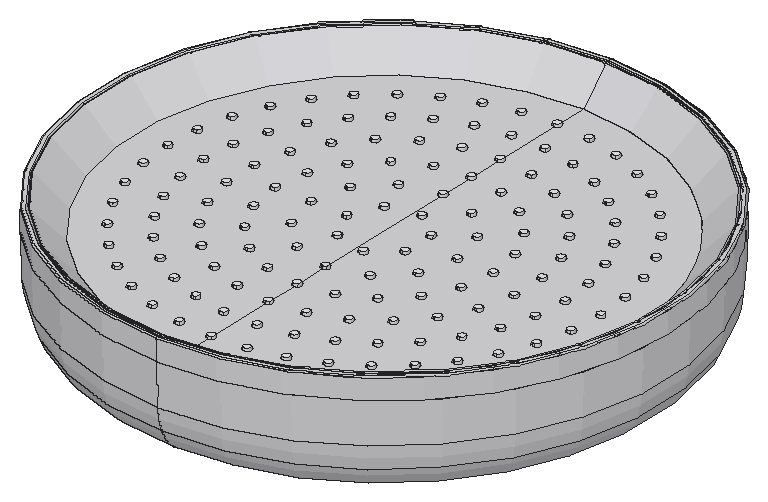
Revit family "Shower-Rainhead-KOHLER-K-26291T_1", category Plumbing Fixtures, host Face, Revit 2017
Family settings
  Host = Face
  Round Connector Dimension = Use Diameter
  Part Type = Normal
  OmniClass Number = 23.31.17.00
  OmniClass Title = Showers
  Cut with Voids When Loaded = No
  Shared = No
  Room Calculation Point = No
Parameters (values of type "2.5 GPM, CP-Polished Chrome")
  Width = 11 119/128"  # constant formula
  WaterSense Certified = 1 = 0  # no
  Waste Water Outlet = "Waste Water Outlet"  # constant formula
  Waste Connection = 1 = 0  # no
  Vent Connection = 1 = 0  # no
  URL = "http://www.kohler.com.cn/"
  Type = 1
  Product Page URL = ""
  Product Name = "Rainhead"  # constant formula
  Product Documentation Link = ""
  Pressure = 0.00 psi
  Model = if(Type = 1, "K-26291T-CP", if(Type = 2, "K-26291T-AF", if(Type = 3, "K-26291T-BL", if(Type = 4, "K-26291T-BN", if(Type = 5, "K-26291T-2MB", if(Type = 6, "K-26291T-RGD", "NA"))))))  # "K-26291T-CP"
  Material = "Brass Construction"  # constant formula
  Master Format 2014 Name = "Residential Showers"  # constant formula
  Master Format 2014 = "22 42 23"  # constant formula
  Manufacturer Address = "Kohler Beijing Office (100016) 36-2-03-B, No. 88, Liuxiang Road, Beijing"  # constant formula
  Manufacturer = "KOHLER Co."  # constant formula
  Length = 11 119/128"  # constant formula
  Hot Water Inlet = "Tempered Water Inlet"  # constant formula
  Height = 3 31/32"  # constant formula
  HW Connection = 1 = 1  # yes
  Flow Rate = 2.5 GPM  # constant formula
  Finish = Kohler-Metal-CP-Polished_Chrome
  Environmental Product Declaration = ""
  Drain Included = 1 = 0  # no
  Description = "1F SMALL ROUND RAINHEAD-2.5GPM"  # constant formula
  Default Elevation = 0"
  Declare Label = ""
  Date Modified = "02/01/2021"  # constant formula
  Date Created = "02/01/2021"  # constant formula
  Copyright = "Copyright KOHLER Co."  # constant formula
  Contact Us = "http://www.kohler.com.cn/contact/contact-us/"
  Cold Water Inlet = "Cold Water Inlet"  # constant formula
  CW Connection = 1 = 0  # no
  Assembly Code = "D2010700"
  ADA Compliant = 1 = 0  # no
Reference planes (in)
  plane 1 "Center (Front/Back)": y = 0
  plane 2: z = 0
  plane 3 "Center (Left/Right)": x = 0
  plane 4: y = 5.965
  plane 5: y = -5.96469
  plane 6: x = -5.965
  plane 7: x = 5.96469
  plane 8: z = 3.96875
  plane 9: z = 1.19
Dimensions and locks (in)
  "Width": plane 4 to plane 5
  "Length": plane 6 to plane 7
  "Height": plane 8 to level
  aligned and locked: plane 2 to host face
  aligned and locked: level to host face
Automatic sketch dimensions
  host sketch curve to host sketch curve = 96"  (x2)
Nested families (in)
  nested 1: "K-26291T" at (0, 0, 0), type "K-26291T"
Connectors (in)
  piping at (0, 0, 0), diameter 0.5, driven by "HW Connection", driven by "Hot Water Inlet", driven by "Flow Rate"
    settings: on nested 1, index 1, connector inside diameter 24", connector length 0", flow factor 0, pipe flow 2.5 GPM, pressure drop 0.00 psi, fitting loss kfactor 0, connector angle 0.00°, fixture units 0, engagement length 0", angle of deflection 0.00°, flow configuration 1, flow direction 1, fitting loss method 0, system type 19, joint type 0, gender type 0, connector reference index -1, connector utility 1, adjustable connector no, is connector primary yes, connector description "Tempered Water Inlet"
Definition of nested family "K-26291T"
  Parameters (values of type "K-26291T")
    Material = none
  Reference planes (in)
    plane 1 "Center (Front/Back)": y = 0
    plane 2: z = 0
    plane 3 "Center (Left/Right)": x = 0
    plane 4: x = 5.965
    plane 5: x = -5.965
    plane 6: z = 3.97
    plane 7: z = 1.19
    plane 8: y = 5.965
    plane 9: y = -5.965
  Forms (in)
    Revolve 1, solid, material <- "Material", detail levels medium+fine
      sketch origin (0, 0, 0) x (0, 1, 0) y (0, 0, 1)
        loop
          line (5.9431, 3.97) -> (5.8678, 3.97)
          arc (5.8678, 3.97) -> (5.85263, 3.96375) -> (5.84626, 3.94862) r 0.02155
          line (5.84626, 3.94862) -> (5.84467, 3.74213)
          arc (5.84467, 3.74213) -> (5.8371, 3.7815) -> (5.83456, 3.82151) r 0.31694
          line (5.83456, 3.82151) -> (5.83456, 3.95421)
          arc (5.83456, 3.95421) -> (5.82592, 3.96709) -> (5.81073, 3.96396) r 0.01391
          line (5.81073, 3.96396) -> (5.21238, 3.35453) -> (0, 3.35453) -> (0, 0) -> (0.47469, 0)
          arc (0.47469, 0) -> (0.48914, 0.00599) -> (0.49513, 0.02045) r 0.02045
          line (0.49513, 0.02045) -> (0.49513, 0.75101)
          arc (0.49513, 0.75101) -> (0.45634, 0.879) -> (0.35301, 0.96391) r 0.23052
          arc (0.35301, 0.96391) -> (0.31081, 1.0177) -> (0.33479, 1.08171) r 0.06978
          arc (0.33479, 1.08171) -> (0.44098, 1.20145) -> (0.50852, 1.34654) r 0.55414
          line (0.50852, 1.34654) -> (1.59013, 1.34654)
          arc (1.59013, 1.34654) -> (3.10602, 1.37419) -> (4.61989, 1.4571) r 41.56538
          arc (4.61989, 1.4571) -> (4.98556, 1.51447) -> (5.33679, 1.63124) r 2.24137
          arc (5.33679, 1.63124) -> (5.64045, 1.84229) -> (5.83558, 2.1564) r 0.91369
          arc (5.83558, 2.1564) -> (5.9051, 2.39883) -> (5.93866, 2.64879) r 1.73194
          arc (5.93866, 2.64879) -> (5.95841, 3.08298) -> (5.965, 3.51757) r 14.34154
          line (5.965, 3.51757) -> (5.965, 3.9481)
          arc (5.965, 3.9481) -> (5.95859, 3.96359) -> (5.9431, 3.97) r 0.0219
        axis (0, 3.97) -> (0, 0)
      angle from 0 to 360
    Extrusion 2, solid, material <- "Material", detail levels medium+fine
      sketch origin (0, 0, 0) x (1, 0, 0) y (0, 1, 0)
        loop
          circle (0, 0) r 0.5
        loop
          line (-0.35408, -0.85482) -> (0.35408, -0.85482) -> (0.85482, -0.35408) -> (0.85482, 0.35408) -> (0.35408, 0.85482) -> (-0.35408, 0.85482) -> (-0.85482, 0.35408) -> (-0.85482, -0.35408) -> (-0.35408, -0.85482)
      from 1.19 to 1.34654
    Sweep 3, solid, material <- "Material", detail levels medium+fine
      path origin (0, 0, 0) x (1, 0, 0) y (0, 1, 0)
        loop
          arc (0.8528, -0.37751) -> (0.8655, -0.3585) -> (0.86996, -0.33608) r 0.05859
          line (0.86996, -0.33608) -> (0.86996, 0.33608)
          arc (0.86996, 0.33608) -> (0.8655, 0.3585) -> (0.8528, 0.37751) r 0.05859
          line (0.8528, 0.37751) -> (0.37779, 0.85252)
          arc (0.37779, 0.85252) -> (0.35847, 0.86543) -> (0.33568, 0.86996) r 0.05955
          line (0.33568, 0.86996) -> (-0.33608, 0.86996)
          arc (-0.33608, 0.86996) -> (-0.3585, 0.8655) -> (-0.37751, 0.8528) r 0.05859
          line (-0.37751, 0.8528) -> (-0.8528, 0.37751)
          arc (-0.8528, 0.37751) -> (-0.8655, 0.3585) -> (-0.86996, 0.33608) r 0.05859
          line (-0.86996, 0.33608) -> (-0.86996, -0.33608)
          arc (-0.86996, -0.33608) -> (-0.8655, -0.3585) -> (-0.8528, -0.37751) r 0.05859
          line (-0.8528, -0.37751) -> (-0.37751, -0.8528)
          arc (-0.37751, -0.8528) -> (-0.3585, -0.8655) -> (-0.33608, -0.86996) r 0.05859
          line (-0.33608, -0.86996) -> (0.33608, -0.86996)
          arc (0.33608, -0.86996) -> (0.3585, -0.8655) -> (0.37751, -0.8528) r 0.05859
          line (0.37751, -0.8528) -> (0.8528, -0.37751)
      profile origin (0.61515, -0.61515, 0) x (0.707107, -0.707107, 0) y (0, 0, 1)
        loop
          line (-0.03076, 1.34654) -> (-0.03076, 1.19) -> (0.00031, 1.19)
          arc (0.00031, 1.19) -> (0.02793, 1.20144) -> (0.03937, 1.22906) r 0.03906
          line (0.03937, 1.22906) -> (0.03937, 1.3076)
          arc (0.03937, 1.3076) -> (0.02797, 1.33513) -> (0.00043, 1.34654) r 0.03894
          line (0.00043, 1.34654) -> (-0.03076, 1.34654)
    Extrusion 4, void
      sketch origin (0, 0, 0) x (1, 0, 0) y (0, 1, 0)
        loop
          circle (-0.49043, -0.61422) r 0.08875
        loop
          circle (-0.786, 0.00048) r 0.08875
        loop
          circle (-0.48969, 0.61481) r 0.08875
        loop
          circle (0.17537, 0.76618) r 0.08875
        loop
          circle (0.70837, 0.3406) r 0.08875
        loop
          circle (0.70795, -0.34146) r 0.08875
        loop
          circle (0.17443, -0.7664) r 0.08875
        loop
          circle (-1.536, 0.00048) r 0.08875
        loop
          circle (0.00048, 1.536) r 0.08875
        loop
          circle (-1.32997, 0.76841) r 0.08875
        loop
          circle (-0.76758, 1.33045) r 0.08875
        loop
          circle (-2.286, 0.00048) r 0.08875
        loop
          circle (-2.17396, 0.70687) r 0.08875
        loop
          circle (-1.84914, 1.34405) r 0.08875
        loop
          circle (-1.34329, 1.84969) r 0.08875
        loop
          circle (-0.70596, 2.17426) r 0.08875
        loop
          circle (0.00046, 2.286) r 0.08875
        loop
          circle (1.536, 0.00048) r 0.08875
        loop
          circle (1.32997, 0.76841) r 0.08875
        loop
          circle (0.76758, 1.33045) r 0.08875
        loop
          circle (2.286, 0.00048) r 0.08875
        loop
          circle (2.17396, 0.70687) r 0.08875
        loop
          circle (1.84914, 1.34405) r 0.08875
        loop
          circle (1.34329, 1.84969) r 0.08875
        loop
          circle (0.70596, 2.17426) r 0.08875
        loop
          circle (0.00048, -1.536) r 0.08875
        loop
          circle (-1.32997, -0.76841) r 0.08875
        loop
          circle (-0.76758, -1.33045) r 0.08875
        loop
          circle (-2.17396, -0.70687) r 0.08875
        loop
          circle (-1.84914, -1.34405) r 0.08875
        loop
          circle (-1.34329, -1.84969) r 0.08875
        loop
          circle (-0.70596, -2.17426) r 0.08875
        loop
          circle (0.00046, -2.286) r 0.08875
        loop
          circle (1.32997, -0.76841) r 0.08875
        loop
          circle (0.76758, -1.33045) r 0.08875
        loop
          circle (2.17396, -0.70687) r 0.08875
        loop
          circle (1.84914, -1.34405) r 0.08875
        loop
          circle (1.34329, -1.84969) r 0.08875
        loop
          circle (0.70596, -2.17426) r 0.08875
        loop
          circle (0.00044, 3.036) r 0.08875
        loop
          circle (-0.72613, 2.94788) r 0.08875
        loop
          circle (-1.41051, 2.68844) r 0.08875
        loop
          circle (-2.01258, 2.27306) r 0.08875
        loop
          circle (-2.49808, 1.72537) r 0.08875
        loop
          circle (-2.83824, 1.07781) r 0.08875
        loop
          circle (-3.0137, 0.36726) r 0.08875
        loop
          circle (-0.72613, -2.94788) r 0.08875
        loop
          circle (-1.41051, -2.68844) r 0.08875
        loop
          circle (-2.01258, -2.27306) r 0.08875
        loop
          circle (-2.49808, -1.72537) r 0.08875
        loop
          circle (-2.83824, -1.07781) r 0.08875
        loop
          circle (-3.0137, -0.36726) r 0.08875
        loop
          circle (0.00044, -3.036) r 0.08875
        loop
          circle (0.72613, 2.94788) r 0.08875
        loop
          circle (1.41051, 2.68844) r 0.08875
        loop
          circle (2.01258, 2.27306) r 0.08875
        loop
          circle (2.49808, 1.72537) r 0.08875
        loop
          circle (2.83824, 1.07781) r 0.08875
        loop
          circle (3.0137, 0.36726) r 0.08875
        loop
          circle (0.72613, -2.94788) r 0.08875
        loop
          circle (1.41051, -2.68844) r 0.08875
        loop
          circle (2.01258, -2.27306) r 0.08875
        loop
          circle (2.49808, -1.72537) r 0.08875
        loop
          circle (2.83824, -1.07781) r 0.08875
        loop
          circle (3.0137, -0.36726) r 0.08875
        loop
          circle (-3.786, 0.00048) r 0.08875
        loop
          circle (-4.536, 0.00048) r 0.08875
        loop
          circle (-3.72144, 0.69615) r 0.08875
        loop
          circle (-3.53016, 1.36811) r 0.08875
        loop
          circle (-3.21867, 1.99348) r 0.08875
        loop
          circle (-2.79724, 2.55132) r 0.08875
        loop
          circle (-2.28081, 3.02187) r 0.08875
        loop
          circle (-1.68671, 3.38951) r 0.08875
        loop
          circle (-1.03517, 3.64173) r 0.08875
        loop
          circle (-0.34838, 3.76993) r 0.08875
        loop
          circle (-3.72144, -0.69615) r 0.08875
        loop
          circle (-3.53016, -1.36811) r 0.08875
        loop
          circle (-3.21867, -1.99348) r 0.08875
        loop
          circle (-2.79724, -2.55132) r 0.08875
        loop
          circle (-2.28081, -3.02187) r 0.08875
        loop
          circle (-1.68671, -3.38951) r 0.08875
        loop
          circle (-1.03517, -3.64173) r 0.08875
        loop
          circle (-0.34838, -3.76993) r 0.08875
        loop
          circle (3.786, 0.00048) r 0.08875
        loop
          circle (3.72144, 0.69615) r 0.08875
        loop
          circle (3.53016, 1.36811) r 0.08875
        loop
          circle (3.21867, 1.99348) r 0.08875
        loop
          circle (2.79724, 2.55132) r 0.08875
        loop
          circle (2.28081, 3.02187) r 0.08875
        loop
          circle (1.68671, 3.38951) r 0.08875
        loop
          circle (1.03517, 3.64173) r 0.08875
        loop
          circle (0.34838, 3.76993) r 0.08875
        loop
          circle (3.72144, -0.69615) r 0.08875
        loop
          circle (3.53016, -1.36811) r 0.08875
        loop
          circle (3.21867, -1.99348) r 0.08875
        loop
          circle (2.79724, -2.55132) r 0.08875
        loop
          circle (2.28081, -3.02187) r 0.08875
        loop
          circle (1.68671, -3.38951) r 0.08875
        loop
          circle (1.03517, -3.64173) r 0.08875
        loop
          circle (0.34838, -3.76993) r 0.08875
        loop
          circle (-4.48008, 0.71006) r 0.08875
        loop
          circle (-4.31384, 1.40215) r 0.08875
        loop
          circle (-4.04138, 2.05973) r 0.08875
        loop
          circle (-3.66942, 2.66658) r 0.08875
        loop
          circle (-3.2071, 3.20777) r 0.08875
        loop
          circle (-2.6658, 3.66998) r 0.08875
        loop
          circle (-2.05887, 4.04182) r 0.08875
        loop
          circle (-1.40124, 4.31414) r 0.08875
        loop
          circle (-0.70911, 4.48022) r 0.08875
        loop
          circle (0.00048, 4.536) r 0.08875
        loop
          circle (4.536, 0.00048) r 0.08875
        loop
          circle (4.48008, 0.71006) r 0.08875
        loop
          circle (4.31384, 1.40215) r 0.08875
        loop
          circle (4.04138, 2.05973) r 0.08875
        loop
          circle (3.66942, 2.66658) r 0.08875
        loop
          circle (3.2071, 3.20777) r 0.08875
        loop
          circle (2.6658, 3.66998) r 0.08875
        loop
          circle (2.05887, 4.04182) r 0.08875
        loop
          circle (1.40124, 4.31414) r 0.08875
        loop
          circle (0.70911, 4.48022) r 0.08875
        loop
          circle (-4.48008, -0.71006) r 0.08875
        loop
          circle (-4.31384, -1.40215) r 0.08875
        loop
          circle (-4.04138, -2.05973) r 0.08875
        loop
          circle (-3.66942, -2.66658) r 0.08875
        loop
          circle (-3.2071, -3.20777) r 0.08875
        loop
          circle (-2.6658, -3.66998) r 0.08875
        loop
          circle (-2.05887, -4.04182) r 0.08875
        loop
          circle (-1.40124, -4.31414) r 0.08875
        loop
          circle (-0.70911, -4.48022) r 0.08875
        loop
          circle (0.00048, -4.536) r 0.08875
        loop
          circle (4.48008, -0.71006) r 0.08875
        loop
          circle (4.31384, -1.40215) r 0.08875
        loop
          circle (4.04138, -2.05973) r 0.08875
        loop
          circle (3.66942, -2.66658) r 0.08875
        loop
          circle (3.2071, -3.20777) r 0.08875
        loop
          circle (2.6658, -3.66998) r 0.08875
        loop
          circle (2.05887, -4.04182) r 0.08875
        loop
          circle (1.40124, -4.31414) r 0.08875
        loop
          circle (0.70911, -4.48022) r 0.08875
      from 3.13976 to 3.5
    Extrusion 5, void
      sketch origin (0, 0, 0) x (1, 0, 0) y (0, 0, 1)
        loop
          line (-0.45475, 0.18235) -> (-0.45475, 0.92904) -> (-0.52139, 0.92904) -> (-0.52139, 0.09882) -> (-0.4667, 0.1535)
          arc (-0.4667, 0.1535) -> (-0.45786, 0.16674) -> (-0.45475, 0.18235) r 0.0408
        loop
          arc (0.45475, 0.18235) -> (0.45786, 0.16674) -> (0.4667, 0.1535) r 0.0408
          line (0.4667, 0.1535) -> (0.52139, 0.09882) -> (0.52139, 0.92904) -> (0.45475, 0.92904) -> (0.45475, 0.18235)
      from -1 to 1
    Revolve 6, solid, material <- "Material", detail levels coarse
      sketch origin (0, 0, 0) x (0, 1, 0) y (0, 0, 1)
        loop
          line (0, 3.35453) -> (0, 0) -> (0.49513, 0) -> (0.49513, 1.19) -> (0.90933, 1.19) -> (0.90933, 1.34654) -> (5.19293, 1.34654) -> (5.965, 2.11861) -> (5.965, 3.97) -> (5.81666, 3.97) -> (5.21238, 3.35453) -> (0, 3.35453)
        axis (0, 3.97) -> (0, 0)
      angle from 0 to 360
    Extrusion 7, solid, detail levels medium+fine
      sketch origin (0, 0, 0) x (1, 0, 0) y (0, 1, 0)
        loop
          circle (-0.49043, -0.61422) r 0.07313
        loop
          circle (-0.786, 0.00048) r 0.07313
        loop
          circle (-0.48969, 0.61481) r 0.07313
        loop
          circle (0.17537, 0.76618) r 0.07313
        loop
          circle (0.70837, 0.3406) r 0.07313
        loop
          circle (0.70795, -0.34146) r 0.07313
        loop
          circle (0.17443, -0.7664) r 0.07313
        loop
          circle (-1.536, 0.00048) r 0.07313
        loop
          circle (0.00048, 1.536) r 0.07313
        loop
          circle (-1.32997, 0.76841) r 0.07313
        loop
          circle (-0.76758, 1.33045) r 0.07313
        loop
          circle (-2.286, 0.00048) r 0.07313
        loop
          circle (-2.17396, 0.70687) r 0.07313
        loop
          circle (-1.84914, 1.34405) r 0.07313
        loop
          circle (-1.34329, 1.84969) r 0.07313
        loop
          circle (-0.70596, 2.17426) r 0.07313
        loop
          circle (0.00046, 2.286) r 0.07313
        loop
          circle (0.00048, -1.536) r 0.07313
        loop
          circle (-1.32997, -0.76841) r 0.07313
        loop
          circle (-0.76758, -1.33045) r 0.07313
        loop
          circle (-2.17396, -0.70687) r 0.07313
        loop
          circle (-1.84914, -1.34405) r 0.07313
        loop
          circle (-1.34329, -1.84969) r 0.07313
        loop
          circle (-0.70596, -2.17426) r 0.07313
        loop
          circle (0.00046, -2.286) r 0.07313
        loop
          circle (0.00044, 3.036) r 0.07313
        loop
          circle (-0.72613, 2.94788) r 0.07313
        loop
          circle (-1.41051, 2.68844) r 0.07313
        loop
          circle (-2.01258, 2.27306) r 0.07313
        loop
          circle (-2.49808, 1.72537) r 0.07313
        loop
          circle (-2.83824, 1.07781) r 0.07313
        loop
          circle (-3.0137, 0.36726) r 0.07313
        loop
          circle (-0.72613, -2.94788) r 0.07313
        loop
          circle (-1.41051, -2.68844) r 0.07313
        loop
          circle (-2.01258, -2.27306) r 0.07313
        loop
          circle (-2.49808, -1.72537) r 0.07313
        loop
          circle (-2.83824, -1.07781) r 0.07313
        loop
          circle (-3.0137, -0.36726) r 0.07313
        loop
          circle (0.00044, -3.036) r 0.07313
        loop
          circle (-3.786, 0.00048) r 0.07313
        loop
          circle (-4.536, 0.00048) r 0.07313
        loop
          circle (-3.72144, 0.69615) r 0.07313
        loop
          circle (-3.53016, 1.36811) r 0.07313
        loop
          circle (-3.21867, 1.99348) r 0.07313
        loop
          circle (-2.79724, 2.55132) r 0.07313
        loop
          circle (-2.28081, 3.02187) r 0.07313
        loop
          circle (-1.68671, 3.38951) r 0.07313
        loop
          circle (-1.03517, 3.64173) r 0.07313
        loop
          circle (-0.34838, 3.76993) r 0.07313
        loop
          circle (-3.72144, -0.69615) r 0.07313
        loop
          circle (-3.53016, -1.36811) r 0.07313
        loop
          circle (-3.21867, -1.99348) r 0.07313
        loop
          circle (-2.79724, -2.55132) r 0.07313
        loop
          circle (-2.28081, -3.02187) r 0.07313
        loop
          circle (-1.68671, -3.38951) r 0.07313
        loop
          circle (-1.03517, -3.64173) r 0.07313
        loop
          circle (-0.34838, -3.76993) r 0.07313
        loop
          circle (-4.48008, 0.71006) r 0.07313
        loop
          circle (-4.31384, 1.40215) r 0.07313
        loop
          circle (-4.04138, 2.05973) r 0.07313
        loop
          circle (-3.66942, 2.66658) r 0.07313
        loop
          circle (-3.2071, 3.20777) r 0.07313
        loop
          circle (-2.6658, 3.66998) r 0.07313
        loop
          circle (-2.05887, 4.04182) r 0.07313
        loop
          circle (-1.40124, 4.31414) r 0.07313
        loop
          circle (-0.70911, 4.48022) r 0.07313
        loop
          circle (0.00048, 4.536) r 0.07313
        loop
          circle (-4.48008, -0.71006) r 0.07313
        loop
          circle (-4.31384, -1.40215) r 0.07313
        loop
          circle (-4.04138, -2.05973) r 0.07313
        loop
          circle (-3.66942, -2.66658) r 0.07313
        loop
          circle (-3.2071, -3.20777) r 0.07313
        loop
          circle (-2.6658, -3.66998) r 0.07313
        loop
          circle (-2.05887, -4.04182) r 0.07313
        loop
          circle (-1.40124, -4.31414) r 0.07313
        loop
          circle (-0.70911, -4.48022) r 0.07313
        loop
          circle (0.00048, -4.536) r 0.07313
        loop
          circle (1.536, 0.00048) r 0.07313
        loop
          circle (1.32997, 0.76841) r 0.07313
        loop
          circle (0.76758, 1.33045) r 0.07313
        loop
          circle (2.286, 0.00048) r 0.07313
        loop
          circle (2.17396, 0.70687) r 0.07313
        loop
          circle (1.84914, 1.34405) r 0.07313
        loop
          circle (1.34329, 1.84969) r 0.07313
        loop
          circle (0.70596, 2.17426) r 0.07313
        loop
          circle (1.32997, -0.76841) r 0.07313
        loop
          circle (0.76758, -1.33045) r 0.07313
        loop
          circle (2.17396, -0.70687) r 0.07313
        loop
          circle (1.84914, -1.34405) r 0.07313
        loop
          circle (1.34329, -1.84969) r 0.07313
        loop
          circle (0.70596, -2.17426) r 0.07313
        loop
          circle (0.72613, 2.94788) r 0.07313
        loop
          circle (1.41051, 2.68844) r 0.07313
        loop
          circle (2.01258, 2.27306) r 0.07313
        loop
          circle (2.49808, 1.72537) r 0.07313
        loop
          circle (2.83824, 1.07781) r 0.07313
        loop
          circle (3.0137, 0.36726) r 0.07313
        loop
          circle (0.72613, -2.94788) r 0.07313
        loop
          circle (1.41051, -2.68844) r 0.07313
        loop
          circle (2.01258, -2.27306) r 0.07313
        loop
          circle (2.49808, -1.72537) r 0.07313
        loop
          circle (2.83824, -1.07781) r 0.07313
        loop
          circle (3.0137, -0.36726) r 0.07313
        loop
          circle (3.786, 0.00048) r 0.07313
        loop
          circle (4.536, 0.00048) r 0.07313
        loop
          circle (3.72144, 0.69615) r 0.07313
        loop
          circle (3.53016, 1.36811) r 0.07313
        loop
          circle (3.21867, 1.99348) r 0.07313
        loop
          circle (2.79724, 2.55132) r 0.07313
        loop
          circle (2.28081, 3.02187) r 0.07313
        loop
          circle (1.68671, 3.38951) r 0.07313
        loop
          circle (1.03517, 3.64173) r 0.07313
        loop
          circle (0.34838, 3.76993) r 0.07313
        loop
          circle (3.72144, -0.69615) r 0.07313
        loop
          circle (3.53016, -1.36811) r 0.07313
        loop
          circle (3.21867, -1.99348) r 0.07313
        loop
          circle (2.79724, -2.55132) r 0.07313
        loop
          circle (2.28081, -3.02187) r 0.07313
        loop
          circle (1.68671, -3.38951) r 0.07313
        loop
          circle (1.03517, -3.64173) r 0.07313
        loop
          circle (0.34838, -3.76993) r 0.07313
        loop
          circle (4.48008, 0.71006) r 0.07313
        loop
          circle (4.31384, 1.40215) r 0.07313
        loop
          circle (4.04138, 2.05973) r 0.07313
        loop
          circle (3.66942, 2.66658) r 0.07313
        loop
          circle (3.2071, 3.20777) r 0.07313
        loop
          circle (2.6658, 3.66998) r 0.07313
        loop
          circle (2.05887, 4.04182) r 0.07313
        loop
          circle (1.40124, 4.31414) r 0.07313
        loop
          circle (0.70911, 4.48022) r 0.07313
        loop
          circle (4.48008, -0.71006) r 0.07313
        loop
          circle (4.31384, -1.40215) r 0.07313
        loop
          circle (4.04138, -2.05973) r 0.07313
        loop
          circle (3.66942, -2.66658) r 0.07313
        loop
          circle (3.2071, -3.20777) r 0.07313
        loop
          circle (2.6658, -3.66998) r 0.07313
        loop
          circle (2.05887, -4.04182) r 0.07313
        loop
          circle (1.40124, -4.31414) r 0.07313
        loop
          circle (0.70911, -4.48022) r 0.07313
      from 3.14063 to 3.39844
  Cuts and joins
    Extrusion 4, Extrusion 5 cuts Revolve 1
    joined: Extrusion 2, Sweep 3
  Lines and regions (in)
    Masking region 1
      outline origin (0, 0, 0) x (0, 1, 0) y (0, 0, 1)
        loop
          line (5.9431, 3.97) -> (-5.9431, 3.97)
          arc (-5.9431, 3.97) -> (-5.95859, 3.96359) -> (-5.965, 3.9481) r 0.0219
          line (-5.965, 3.9481) -> (-5.965, 3.51757)
          arc (-5.965, 3.51757) -> (-5.95841, 3.08298) -> (-5.93866, 2.64879) r 14.34154
          arc (-5.93866, 2.64879) -> (-5.9051, 2.39883) -> (-5.83558, 2.1564) r 1.73194
          arc (-5.83558, 2.1564) -> (-5.64045, 1.84229) -> (-5.33679, 1.63124) r 0.91369
          arc (-5.33679, 1.63124) -> (-4.98556, 1.51447) -> (-4.61989, 1.4571) r 2.24137
          arc (-4.61989, 1.4571) -> (-3.10602, 1.37419) -> (-1.59013, 1.34654) r 41.56538
          line (-1.59013, 1.34654) -> (-0.86977, 1.34654)
          arc (-0.86977, 1.34654) -> (-0.89774, 1.33495) -> (-0.90933, 1.30697) r 0.03956
          line (-0.90933, 1.30697) -> (-0.90933, 1.22728)
          arc (-0.90933, 1.22728) -> (-0.89841, 1.20092) -> (-0.87205, 1.19) r 0.03728
          line (-0.87205, 1.19) -> (-0.43326, 1.19)
          arc (-0.43326, 1.19) -> (-0.38762, 1.13259) -> (-0.33479, 1.08171) r 0.55414
          arc (-0.33479, 1.08171) -> (-0.31081, 1.0177) -> (-0.35301, 0.96391) r 0.06978
          arc (-0.35301, 0.96391) -> (-0.45634, 0.879) -> (-0.49513, 0.75101) r 0.23052
          line (-0.49513, 0.75101) -> (-0.49513, 0.02045)
          arc (-0.49513, 0.02045) -> (-0.48914, 0.00599) -> (-0.47469, 0) r 0.02045
          line (-0.47469, 0) -> (0.47469, 0)
          arc (0.47469, 0) -> (0.48914, 0.00599) -> (0.49513, 0.02045) r 0.02045
          line (0.49513, 0.02045) -> (0.49513, 0.75101)
          arc (0.49513, 0.75101) -> (0.45634, 0.879) -> (0.35301, 0.96391) r 0.23052
          arc (0.35301, 0.96391) -> (0.31081, 1.0177) -> (0.33479, 1.08171) r 0.06978
          arc (0.33479, 1.08171) -> (0.38762, 1.13259) -> (0.43326, 1.19) r 0.55414
          line (0.43326, 1.19) -> (0.87205, 1.19)
          arc (0.87205, 1.19) -> (0.89841, 1.20092) -> (0.90933, 1.22728) r 0.03728
          line (0.90933, 1.22728) -> (0.90933, 1.30697)
          arc (0.90933, 1.30697) -> (0.89774, 1.33495) -> (0.86977, 1.34654) r 0.03956
          line (0.86977, 1.34654) -> (1.59013, 1.34654)
          arc (1.59013, 1.34654) -> (3.10602, 1.37419) -> (4.61989, 1.4571) r 41.56538
          arc (4.61989, 1.4571) -> (4.98556, 1.51447) -> (5.33679, 1.63124) r 2.24137
          arc (5.33679, 1.63124) -> (5.64045, 1.84229) -> (5.83558, 2.1564) r 0.91369
          arc (5.83558, 2.1564) -> (5.9051, 2.39883) -> (5.93866, 2.64879) r 1.73194
          arc (5.93866, 2.64879) -> (5.95841, 3.08298) -> (5.965, 3.51757) r 14.34154
          line (5.965, 3.51757) -> (5.965, 3.9481)
          arc (5.965, 3.9481) -> (5.95859, 3.96359) -> (5.9431, 3.97) r 0.0219
    Masking region 2
      outline origin (0, 0, 0) x (1, 0, 0) y (0, 0, 1)
        loop
          arc (-5.9431, 3.97) -> (-5.95859, 3.96359) -> (-5.965, 3.9481) r 0.0219
          line (-5.965, 3.9481) -> (-5.965, 3.51757)
          arc (-5.965, 3.51757) -> (-5.95841, 3.08298) -> (-5.93866, 2.64879) r 14.34154
          arc (-5.93866, 2.64879) -> (-5.9051, 2.39883) -> (-5.83558, 2.1564) r 1.73194
          arc (-5.83558, 2.1564) -> (-5.64045, 1.84229) -> (-5.33679, 1.63124) r 0.91369
          arc (-5.33679, 1.63124) -> (-4.98556, 1.51447) -> (-4.61989, 1.4571) r 2.24137
          arc (-4.61989, 1.4571) -> (-3.10602, 1.37419) -> (-1.59013, 1.34654) r 41.56538
          line (-1.59013, 1.34654) -> (-0.86977, 1.34654)
          arc (-0.86977, 1.34654) -> (-0.89774, 1.33495) -> (-0.90933, 1.30697) r 0.03956
          line (-0.90933, 1.30697) -> (-0.90933, 1.22728)
          arc (-0.90933, 1.22728) -> (-0.89841, 1.20092) -> (-0.87205, 1.19) r 0.03728
          line (-0.87205, 1.19) -> (-0.43326, 1.19)
          arc (-0.43326, 1.19) -> (-0.38762, 1.13259) -> (-0.33479, 1.08171) r 0.55414
          arc (-0.33479, 1.08171) -> (-0.31081, 1.0177) -> (-0.35301, 0.96391) r 0.06978
          arc (-0.35301, 0.96391) -> (-0.40987, 0.93001) -> (-0.45475, 0.88135) r 0.23052
          line (-0.45475, 0.88135) -> (-0.45475, 0.18235)
          arc (-0.45475, 0.18235) -> (-0.45786, 0.16674) -> (-0.4667, 0.1535) r 0.0408
          line (-0.4667, 0.1535) -> (-0.49513, 0.12507) -> (-0.49513, 0.02045)
          arc (-0.49513, 0.02045) -> (-0.48914, 0.00599) -> (-0.47469, 0) r 0.02045
          line (-0.47469, 0) -> (0.47469, 0)
          arc (0.47469, 0) -> (0.48914, 0.00599) -> (0.49513, 0.02045) r 0.02045
          line (0.49513, 0.02045) -> (0.49513, 0.12507) -> (0.4667, 0.1535)
          arc (0.4667, 0.1535) -> (0.45786, 0.16674) -> (0.45475, 0.18235) r 0.0408
          line (0.45475, 0.18235) -> (0.45475, 0.88135)
          arc (0.45475, 0.88135) -> (0.40987, 0.93001) -> (0.35301, 0.96391) r 0.23052
          arc (0.35301, 0.96391) -> (0.31081, 1.0177) -> (0.33479, 1.08171) r 0.06978
          arc (0.33479, 1.08171) -> (0.38762, 1.13259) -> (0.43326, 1.19) r 0.55414
          line (0.43326, 1.19) -> (0.87205, 1.19)
          arc (0.87205, 1.19) -> (0.89841, 1.20092) -> (0.90933, 1.22728) r 0.03728
          line (0.90933, 1.22728) -> (0.90933, 1.30697)
          arc (0.90933, 1.30697) -> (0.89774, 1.33495) -> (0.86977, 1.34654) r 0.03956
          line (0.86977, 1.34654) -> (1.59013, 1.34654)
          arc (1.59013, 1.34654) -> (3.10602, 1.37419) -> (4.61989, 1.4571) r 41.56538
          arc (4.61989, 1.4571) -> (4.98556, 1.51447) -> (5.33679, 1.63124) r 2.24137
          arc (5.33679, 1.63124) -> (5.64045, 1.84229) -> (5.83558, 2.1564) r 0.91369
          arc (5.83558, 2.1564) -> (5.9051, 2.39883) -> (5.93866, 2.64879) r 1.73194
          arc (5.93866, 2.64879) -> (5.95841, 3.08298) -> (5.965, 3.51757) r 14.34154
          line (5.965, 3.51757) -> (5.965, 3.9481)
          arc (5.965, 3.9481) -> (5.95859, 3.96359) -> (5.9431, 3.97) r 0.0219
          line (5.9431, 3.97) -> (-5.9431, 3.97)
    Masking region 3
      outline origin (0, 0, 0) x (1, 0, 0) y (0, 1, 0)
        loop
          circle (0, 0) r 5.965
    symbolic lines, detail levels medium+fine
      curve 1: line (-0.86977, 0, 1.34654) -> (0.86977, 0, 1.34654)
      curve 2: line (-0.43326, 0, 1.19) -> (0.43326, 0, 1.19)
      curve 3: line (-0.49513, 0, 0.02045) -> (0.49513, 0, 0.02045)
      curve 4: line (-0.45475, 0, 0.75101) -> (0.45475, 0, 0.75101)
      curve 5: line (0.35413, 0, 0.96346) -> (-0.35413, 0, 0.96346)
      curve 6: line (0.33546, 0, 1.08228) -> (-0.33546, 0, 1.08228)
      curve 7: line (-0.8805, 0, 1.22843) -> (-0.8805, 0, 1.30717)
      curve 8: line (-0.40548, 0, 1.22843) -> (-0.40548, 0, 1.30717)
      curve 9: line (-0.33589, 0, 1.34654) -> (-0.33589, 0, 1.19)
      curve 10: arc (-0.8805, 0, 1.30717) -> (-0.87952, 0, 1.31769) -> (-0.87661, 0, 1.32786) r 0.05701
      curve 11: arc (-0.87661, 0, 1.32786) -> (-0.86721, 0, 1.34049) -> (-0.85266, 0, 1.34654) r 0.02968
      curve 12: arc (-0.8805, 0, 1.22843) -> (-0.87952, 0, 1.2179) -> (-0.87661, 0, 1.20773) r 0.05701
      curve 13: arc (-0.87661, 0, 1.20773) -> (-0.86899, 0, 1.1966) -> (-0.85723, 0, 1.19) r 0.02968
      curve 14: arc (-0.40548, 0, 1.30717) -> (-0.4045, 0, 1.31769) -> (-0.4016, 0, 1.32786) r 0.05701
      curve 15: arc (-0.4016, 0, 1.32786) -> (-0.39219, 0, 1.34049) -> (-0.37765, 0, 1.34654) r 0.02968
      curve 16: arc (-0.40548, 0, 1.22843) -> (-0.4045, 0, 1.2179) -> (-0.4016, 0, 1.20773) r 0.05701
      curve 17: arc (-0.4016, 0, 1.20773) -> (-0.39397, 0, 1.1966) -> (-0.38222, 0, 1.19) r 0.02968
      curve 18: line (0.8805, 0, 1.22709) -> (0.8805, 0, 1.30717)
      curve 19: line (0.40548, 0, 1.22843) -> (0.40548, 0, 1.30717)
      curve 20: line (0.33589, 0, 1.34654) -> (0.33589, 0, 1.19)
      curve 21: arc (0.87661, 0, 1.32786) -> (0.86721, 0, 1.34049) -> (0.85266, 0, 1.34654) r 0.02968
      curve 22: arc (0.4016, 0, 1.32786) -> (0.39219, 0, 1.34049) -> (0.37765, 0, 1.34654) r 0.02968
      curve 23: arc (0.4016, 0, 1.20773) -> (0.39397, 0, 1.1966) -> (0.38222, 0, 1.19) r 0.02968
      curve 24: arc (0.40548, 0, 1.30717) -> (0.4045, 0, 1.31769) -> (0.4016, 0, 1.32786) r 0.05701
      curve 25: arc (0.4016, 0, 1.20773) -> (0.4045, 0, 1.2179) -> (0.40548, 0, 1.22843) r 0.05701
      curve 26: arc (0.8805, 0, 1.30717) -> (0.87952, 0, 1.31769) -> (0.87661, 0, 1.32786) r 0.05701
      curve 27: arc (0.87661, 0, 1.2064) -> (0.87039, 0, 1.19664) -> (0.8609, 0, 1.19) r 0.02968
      curve 28: arc (0.8805, 0, 1.22709) -> (0.87952, 0, 1.21656) -> (0.87661, 0, 1.2064) r 0.05701
      curve 29: line (-0.90933, 0, 1.30697) -> (0.90933, 0, 1.30697)
      curve 30: line (-0.90933, 0, 1.22728) -> (0.90933, 0, 1.22728)
      curve 31: line (0, 0.86977, 1.34654) -> (0, -0.86977, 1.34654)
      curve 32: line (0, -0.90933, 1.30697) -> (0, 0.90933, 1.30697)
      curve 33: line (0, 0.90933, 1.22728) -> (0, -0.90933, 1.22728)
      curve 34: line (0, 0.43326, 1.19) -> (0, -0.43326, 1.19)
      curve 35: line (0, 0.35301, 0.96391) -> (0, -0.35301, 0.96391)
      curve 36: line (0, 0.49513, 0.75101) -> (0, 0.19585, 0.75101)
      curve 37: line (0, 0.49513, 0.02045) -> (0, -0.49513, 0.02045)
      curve 38: line (0, 0.8805, 1.22843) -> (0, 0.8805, 1.30717)
      curve 39: line (0, 0.40548, 1.22843) -> (0, 0.40548, 1.30717)
      curve 40: line (0, 0.33589, 1.19) -> (0, 0.33589, 1.34654)
      curve 41: arc (0, 0.8805, 1.30717) -> (0, 0.8787, 1.32099) -> (0, 0.87341, 1.3339) r 0.05392
      curve 42: arc (0, 0.87341, 1.3339) -> (0, 0.86501, 1.34269) -> (0, 0.85348, 1.34654) r 0.02521
      curve 43: arc (0, 0.87557, 1.2067) -> (0, 0.87925, 1.21728) -> (0, 0.8805, 1.22843) r 0.05029
      curve 44: arc (0, 0.86053, 1.19) -> (0, 0.86925, 1.19726) -> (0, 0.87557, 1.2067) r 0.03978
      curve 45: arc (0, 0.40548, 1.30717) -> (0, 0.40394, 1.3199) -> (0, 0.39938, 1.33189) r 0.05317
      curve 46: arc (0, 0.39938, 1.33189) -> (0, 0.39036, 1.34196) -> (0, 0.37765, 1.34654) r 0.02762
      curve 47: arc (0, 0.39977, 1.20441) -> (0, 0.40404, 1.21608) -> (0, 0.40548, 1.22843) r 0.0533
      curve 48: arc (0, 0.38398, 1.19) -> (0, 0.3932, 1.19575) -> (0, 0.39977, 1.20441) r 0.03005
      curve 49: line (0, -0.33589, 1.19) -> (0, -0.33589, 1.34654)
      curve 50: line (0, -0.40548, 1.22843) -> (0, -0.40548, 1.30717)
      curve 51: line (0, -0.8805, 1.22843) -> (0, -0.8805, 1.30717)
      curve 52: arc (0, -0.40548, 1.30717) -> (0, -0.40379, 1.32059) -> (0, -0.39881, 1.33318) r 0.05404
      curve 53: arc (0, -0.39881, 1.33318) -> (0, -0.3903, 1.34239) -> (0, -0.37847, 1.34654) r 0.02598
      curve 54: arc (0, -0.39848, 1.20306) -> (0, -0.4037, 1.21527) -> (0, -0.40548, 1.22843) r 0.04945
      curve 55: arc (0, -0.38197, 1.19) -> (0, -0.39143, 1.19501) -> (0, -0.39848, 1.20306) r 0.02964
      curve 56: arc (0, -0.8805, 1.30717) -> (0, -0.87904, 1.31976) -> (0, -0.87472, 1.33168) r 0.05483
      curve 57: arc (0, -0.87472, 1.33168) -> (0, -0.86564, 1.34201) -> (0, -0.85266, 1.34654) r 0.02702
      curve 58: arc (0, -0.87421, 1.20402) -> (0, -0.8789, 1.21582) -> (0, -0.8805, 1.22843) r 0.05045
      curve 59: arc (0, -0.85926, 1.19) -> (0, -0.86784, 1.19583) -> (0, -0.87421, 1.20402) r 0.03332
      curve 60: line (0, 0.19585, 0.18177) -> (0, 0.19585, 0.75101)
      curve 61: line (0, -0.19585, 0.75101) -> (0, -0.19585, 0.1818)
      curve 62: spline (0, 0.16686, 0.15407) -> (0, 0.17022, 0.15487) -> (0, 0.1735, 0.156) -> (0, 0.17665, 0.15745) -> (0, 0.17966, 0.15919) -> (0, 0.18251, 0.16123) -> (0, 0.18515, 0.16353) -> (0, 0.18758, 0.16608) -> (0, 0.18978, 0.16886) -> (0, 0.19172, 0.17185) -> (0, 0.19338, 0.17501) -> (0, 0.19477, 0.17833) -> (0, 0.19585, 0.18177)
      curve 63: spline (0, -0.16688, 0.15407) -> (0, -0.14073, 0.14536) -> (0, -0.11369, 0.13816) -> (0, -0.08591, 0.1325) -> (0, -0.05758, 0.12844) -> (0, -0.02889, 0.12599) -> (0, -0.00001, 0.12517) -> (0, 0.02887, 0.12599) -> (0, 0.05756, 0.12844) -> (0, 0.08589, 0.1325) -> (0, 0.11367, 0.13815) -> (0, 0.14071, 0.14536) -> (0, 0.16686, 0.15407)
      curve 64: spline (0, -0.19585, 0.1818) -> (0, -0.19473, 0.17835) -> (0, -0.19332, 0.17503) -> (0, -0.19163, 0.17186) -> (0, -0.18968, 0.16887) -> (0, -0.18747, 0.16609) -> (0, -0.18504, 0.16354) -> (0, -0.1824, 0.16123) -> (0, -0.17957, 0.1592) -> (0, -0.17657, 0.15745) -> (0, -0.17344, 0.15601) -> (0, -0.1702, 0.15488) -> (0, -0.16688, 0.15407)
      curve 65: line (0, 0.19585, 0.75101) -> (0, -0.19585, 0.75101)
      curve 66: line (0, -0.19585, 0.75101) -> (0, -0.49513, 0.75101)
      curve 67: circle (0, 0, 0) r 5.21238 normal (0, 0, 1)
      curve 68: circle (0, 0, 0) r 5.84405 normal (0, 0, 1)
      curve 69: circle (0, 0, 0) r 5.83582 normal (0, 0, 1)
      curve 70: arc (-0.73066, -0.06891, 0) -> (-0.85539, -0.05486, 0) -> (-0.84133, 0.06987, 0) r 0.08875
      curve 71: arc (-0.84133, 0.06987, 0) -> (-0.71661, 0.05582, 0) -> (-0.73066, -0.06891, 0) r 0.08875
      curve 72: arc (-0.46994, 0.70134, 0) -> (-0.40316, 0.59506, 0) -> (-0.50944, 0.52829, 0) r 0.08875
      curve 73: arc (-0.50944, 0.52829, 0) -> (-0.57621, 0.63456, 0) -> (-0.46994, 0.70134, 0) r 0.08875
      curve 74: arc (0.25533, 0.80469, 0) -> (0.21388, 0.68622, 0) -> (0.0954, 0.72767, 0) r 0.08875
      curve 75: arc (0.0954, 0.72767, 0) -> (0.13686, 0.84615, 0) -> (0.25533, 0.80469, 0) r 0.08875
      curve 76: arc (0.78833, 0.30209, 0) -> (0.66986, 0.26064, 0) -> (0.6284, 0.37911, 0) r 0.08875
      curve 77: arc (0.6284, 0.37911, 0) -> (0.74687, 0.42056, 0) -> (0.78833, 0.30209, 0) r 0.08875
      curve 78: arc (0.7277, -0.42799, 0) -> (0.62142, -0.36121, 0) -> (0.6882, -0.25493, 0) r 0.08875
      curve 79: arc (0.6882, -0.25493, 0) -> (0.79448, -0.32171, 0) -> (0.7277, -0.42799, 0) r 0.08875
      curve 80: arc (0.22977, -0.69701, 0) -> (0.24382, -0.82173, 0) -> (0.1191, -0.83579, 0) r 0.08875
      curve 81: arc (0.1191, -0.83579, 0) -> (0.10504, -0.71106, 0) -> (0.22977, -0.69701, 0) r 0.08875
      curve 82: arc (-0.40168, -0.61422, 0) -> (-0.49043, -0.70297, 0) -> (-0.57919, -0.61422, 0) r 0.08875
      curve 83: arc (-0.57919, -0.61422, 0) -> (-0.49043, -0.52546, 0) -> (-0.40168, -0.61422, 0) r 0.08875
      curve 84: arc (-1.48066, -0.06891, 0) -> (-1.60539, -0.05486, 0) -> (-1.59133, 0.06987, 0) r 0.08875
      curve 85: arc (-1.59133, 0.06987, 0) -> (-1.46661, 0.05582, 0) -> (-1.48066, -0.06891, 0) r 0.08875
      curve 86: arc (-1.3432, 0.85617, 0) -> (-1.41773, 0.75518, 0) -> (-1.31674, 0.68065, 0) r 0.08875
      curve 87: arc (-1.31674, 0.68065, 0) -> (-1.24221, 0.78164, 0) -> (-1.3432, 0.85617, 0) r 0.08875
      curve 88: arc (-0.73516, 1.41307, 0) -> (-0.8502, 1.36288, 0) -> (-0.80001, 1.24783, 0) r 0.08875
      curve 89: arc (-0.80001, 1.24783, 0) -> (-0.68497, 1.29803, 0) -> (-0.73516, 1.41307, 0) r 0.08875
      curve 90: arc (0.06987, 1.59133, 0) -> (-0.05486, 1.60539, 0) -> (-0.06891, 1.48066, 0) r 0.08875
      curve 91: arc (-0.06891, 1.48066, 0) -> (0.05582, 1.46661, 0) -> (0.06987, 1.59133, 0) r 0.08875
      curve 92: arc (1.3432, 0.85617, 0) -> (1.41773, 0.75518, 0) -> (1.31674, 0.68065, 0) r 0.08875
      curve 93: arc (1.31674, 0.68065, 0) -> (1.24221, 0.78164, 0) -> (1.3432, 0.85617, 0) r 0.08875
      curve 94: arc (0.73516, 1.41307, 0) -> (0.8502, 1.36288, 0) -> (0.80001, 1.24783, 0) r 0.08875
      curve 95: arc (0.80001, 1.24783, 0) -> (0.68497, 1.29803, 0) -> (0.73516, 1.41307, 0) r 0.08875
      curve 96: arc (1.48066, -0.06891, 0) -> (1.60539, -0.05486, 0) -> (1.59133, 0.06987, 0) r 0.08875
      curve 97: arc (1.59133, 0.06987, 0) -> (1.46661, 0.05582, 0) -> (1.48066, -0.06891, 0) r 0.08875
      curve 98: arc (-1.3432, -0.85617, 0) -> (-1.41773, -0.75518, 0) -> (-1.31674, -0.68065, 0) r 0.08875
      curve 99: arc (-1.31674, -0.68065, 0) -> (-1.24221, -0.78164, 0) -> (-1.3432, -0.85617, 0) r 0.08875
      curve 100: arc (-0.73516, -1.41307, 0) -> (-0.8502, -1.36288, 0) -> (-0.80001, -1.24783, 0) r 0.08875
      curve 101: arc (-0.80001, -1.24783, 0) -> (-0.68497, -1.29803, 0) -> (-0.73516, -1.41307, 0) r 0.08875
      curve 102: arc (0.06987, -1.59133, 0) -> (-0.05486, -1.60539, 0) -> (-0.06891, -1.48066, 0) r 0.08875
      curve 103: arc (-0.06891, -1.48066, 0) -> (0.05582, -1.46661, 0) -> (0.06987, -1.59133, 0) r 0.08875
      curve 104: arc (1.3432, -0.85617, 0) -> (1.41773, -0.75518, 0) -> (1.31674, -0.68065, 0) r 0.08875
      curve 105: arc (1.31674, -0.68065, 0) -> (1.24221, -0.78164, 0) -> (1.3432, -0.85617, 0) r 0.08875
      curve 106: arc (0.73516, -1.41307, 0) -> (0.8502, -1.36288, 0) -> (0.80001, -1.24783, 0) r 0.08875
      curve 107: arc (0.80001, -1.24783, 0) -> (0.68497, -1.29803, 0) -> (0.73516, -1.41307, 0) r 0.08875
      curve 108: arc (-2.23066, -0.06891, 0) -> (-2.35539, -0.05486, 0) -> (-2.34133, 0.06987, 0) r 0.08875
      curve 109: arc (-2.34133, 0.06987, 0) -> (-2.21661, 0.05582, 0) -> (-2.23066, -0.06891, 0) r 0.08875
      curve 110: arc (-2.14278, 0.62377, 0) -> (-2.25706, 0.67568, 0) -> (-2.20515, 0.78996, 0) r 0.08875
      curve 111: arc (-2.20515, 0.78996, 0) -> (-2.09087, 0.73805, 0) -> (-2.14278, 0.62377, 0) r 0.08875
      curve 112: arc (-1.84516, 1.25538, 0) -> (-1.9378, 1.34006, 0) -> (-1.85312, 1.43271, 0) r 0.08875
      curve 113: arc (-1.85312, 1.43271, 0) -> (-1.76048, 1.34803, 0) -> (-1.84516, 1.25538, 0) r 0.08875
      curve 114: arc (-1.3669, 1.76414, 0) -> (-1.42884, 1.8733, 0) -> (-1.31968, 1.93525, 0) r 0.08875
      curve 115: arc (-1.31968, 1.93525, 0) -> (-1.25773, 1.82608, 0) -> (-1.3669, 1.76414, 0) r 0.08875
      curve 116: arc (-0.75485, 2.10019, 0) -> (-0.78003, 2.22315, 0) -> (-0.65706, 2.24833, 0) r 0.08875
      curve 117: arc (-0.65706, 2.24833, 0) -> (-0.63189, 2.12536, 0) -> (-0.75485, 2.10019, 0) r 0.08875
      curve 118: arc (0.06985, 2.34133, 0) -> (-0.05488, 2.35539, 0) -> (-0.06893, 2.23066, 0) r 0.08875
      curve 119: arc (-0.06893, 2.23066, 0) -> (0.0558, 2.21661, 0) -> (0.06985, 2.34133, 0) r 0.08875
      curve 120: arc (2.23066, -0.06891, 0) -> (2.35539, -0.05486, 0) -> (2.34133, 0.06987, 0) r 0.08875
      curve 121: arc (2.34133, 0.06987, 0) -> (2.21661, 0.05582, 0) -> (2.23066, -0.06891, 0) r 0.08875
      curve 122: arc (2.14278, 0.62377, 0) -> (2.25706, 0.67568, 0) -> (2.20515, 0.78996, 0) r 0.08875
      curve 123: arc (2.20515, 0.78996, 0) -> (2.09087, 0.73805, 0) -> (2.14278, 0.62377, 0) r 0.08875
      curve 124: arc (1.84516, 1.25538, 0) -> (1.9378, 1.34006, 0) -> (1.85312, 1.43271, 0) r 0.08875
      curve 125: arc (1.85312, 1.43271, 0) -> (1.76048, 1.34803, 0) -> (1.84516, 1.25538, 0) r 0.08875
      curve 126: arc (1.3669, 1.76414, 0) -> (1.42884, 1.8733, 0) -> (1.31968, 1.93525, 0) r 0.08875
      curve 127: arc (1.31968, 1.93525, 0) -> (1.25773, 1.82608, 0) -> (1.3669, 1.76414, 0) r 0.08875
      curve 128: arc (0.75485, 2.10019, 0) -> (0.78003, 2.22315, 0) -> (0.65706, 2.24833, 0) r 0.08875
      curve 129: arc (0.65706, 2.24833, 0) -> (0.63189, 2.12536, 0) -> (0.75485, 2.10019, 0) r 0.08875
      curve 130: arc (2.14278, -0.62377, 0) -> (2.25706, -0.67568, 0) -> (2.20515, -0.78996, 0) r 0.08875
      curve 131: arc (2.20515, -0.78996, 0) -> (2.09087, -0.73805, 0) -> (2.14278, -0.62377, 0) r 0.08875
      curve 132: arc (1.84516, -1.25538, 0) -> (1.9378, -1.34006, 0) -> (1.85312, -1.43271, 0) r 0.08875
      curve 133: arc (1.85312, -1.43271, 0) -> (1.76048, -1.34803, 0) -> (1.84516, -1.25538, 0) r 0.08875
      curve 134: arc (1.3669, -1.76414, 0) -> (1.42884, -1.8733, 0) -> (1.31968, -1.93525, 0) r 0.08875
      curve 135: arc (1.31968, -1.93525, 0) -> (1.25773, -1.82608, 0) -> (1.3669, -1.76414, 0) r 0.08875
      curve 136: arc (0.75485, -2.10019, 0) -> (0.78003, -2.22315, 0) -> (0.65706, -2.24833, 0) r 0.08875
      curve 137: arc (0.65706, -2.24833, 0) -> (0.63189, -2.12536, 0) -> (0.75485, -2.10019, 0) r 0.08875
      curve 138: arc (-2.14278, -0.62377, 0) -> (-2.25706, -0.67568, 0) -> (-2.20515, -0.78996, 0) r 0.08875
      curve 139: arc (-2.20515, -0.78996, 0) -> (-2.09087, -0.73805, 0) -> (-2.14278, -0.62377, 0) r 0.08875
      curve 140: arc (-1.84516, -1.25538, 0) -> (-1.9378, -1.34006, 0) -> (-1.85312, -1.43271, 0) r 0.08875
      curve 141: arc (-1.85312, -1.43271, 0) -> (-1.76048, -1.34803, 0) -> (-1.84516, -1.25538, 0) r 0.08875
      curve 142: arc (-1.3669, -1.76414, 0) -> (-1.42884, -1.8733, 0) -> (-1.31968, -1.93525, 0) r 0.08875
      curve 143: arc (-1.31968, -1.93525, 0) -> (-1.25773, -1.82608, 0) -> (-1.3669, -1.76414, 0) r 0.08875
      curve 144: arc (-0.75485, -2.10019, 0) -> (-0.78003, -2.22315, 0) -> (-0.65706, -2.24833, 0) r 0.08875
      curve 145: arc (-0.65706, -2.24833, 0) -> (-0.63189, -2.12536, 0) -> (-0.75485, -2.10019, 0) r 0.08875
      curve 146: arc (0.06985, -2.34133, 0) -> (-0.05488, -2.35539, 0) -> (-0.06893, -2.23066, 0) r 0.08875
      curve 147: arc (-0.06893, -2.23066, 0) -> (0.0558, -2.21661, 0) -> (0.06985, -2.34133, 0) r 0.08875
      curve 148: arc (-3.06025, 0.44283, 0) -> (-3.08927, 0.32071, 0) -> (-2.96715, 0.29169, 0) r 0.08875
      curve 149: arc (-2.96715, 0.29169, 0) -> (-2.93813, 0.41381, 0) -> (-3.06025, 0.44283, 0) r 0.08875
      curve 150: arc (-2.86535, 1.16232, 0) -> (-2.92275, 1.0507, 0) -> (-2.81113, 0.9933, 0) r 0.08875
      curve 151: arc (-2.81113, 0.9933, 0) -> (-2.75373, 1.10492, 0) -> (-2.86535, 1.16232, 0) r 0.08875
      curve 152: arc (-2.50419, 1.81391, 0) -> (-2.58662, 1.71925, 0) -> (-2.49196, 1.63682, 0) r 0.08875
      curve 153: arc (-2.49196, 1.63682, 0) -> (-2.40953, 1.73148, 0) -> (-2.50419, 1.81391, 0) r 0.08875
      curve 154: arc (-2.02784, 2.18563, 0) -> (-1.92515, 2.2578, 0) -> (-1.99732, 2.36049, 0) r 0.08875
      curve 155: arc (-1.99732, 2.36049, 0) -> (-2.10001, 2.28831, 0) -> (-2.02784, 2.18563, 0) r 0.08875
      curve 156: arc (-1.37478, 2.76969, 0) -> (-1.49175, 2.72417, 0) -> (-1.44623, 2.6072, 0) r 0.08875
      curve 157: arc (-1.44623, 2.6072, 0) -> (-1.32926, 2.65272, 0) -> (-1.37478, 2.76969, 0) r 0.08875
      curve 158: arc (-0.672, 3.01822, 0) -> (-0.79647, 3.00201, 0) -> (-0.78026, 2.87754, 0) r 0.08875
      curve 159: arc (-0.78026, 2.87754, 0) -> (-0.6558, 2.89375, 0) -> (-0.672, 3.01822, 0) r 0.08875
      curve 160: arc (0.06983, 3.09133, 0) -> (-0.0549, 3.10539, 0) -> (-0.06895, 2.98066, 0) r 0.08875
      curve 161: arc (-0.06895, 2.98066, 0) -> (0.05578, 2.96661, 0) -> (0.06983, 3.09133, 0) r 0.08875
      curve 162: arc (-3.84133, 0.06987, 0) -> (-3.85539, -0.05486, 0) -> (-3.73066, -0.06891, 0) r 0.08875
      curve 163: arc (-3.73066, -0.06891, 0) -> (-3.71661, 0.05582, 0) -> (-3.84133, 0.06987, 0) r 0.08875
      curve 164: arc (-3.76309, 0.77452, 0) -> (-3.79982, 0.6545, 0) -> (-3.6798, 0.61777, 0) r 0.08875
      curve 165: arc (-3.6798, 0.61777, 0) -> (-3.64307, 0.73779, 0) -> (-3.76309, 0.77452, 0) r 0.08875
      curve 166: arc (-3.5567, 1.4528, 0) -> (-3.61486, 1.34157, 0) -> (-3.50363, 1.28341, 0) r 0.08875
      curve 167: arc (-3.50363, 1.28341, 0) -> (-3.44547, 1.39464, 0) -> (-3.5567, 1.4528, 0) r 0.08875
      curve 168: arc (-3.22919, 2.0816, 0) -> (-3.30679, 1.98296, 0) -> (-3.20815, 1.90535, 0) r 0.08875
      curve 169: arc (-3.20815, 1.90535, 0) -> (-3.13054, 2.004, 0) -> (-3.22919, 2.0816, 0) r 0.08875
      curve 170: arc (-2.79138, 2.63988, 0) -> (-2.8858, 2.55718, 0) -> (-2.8031, 2.46276, 0) r 0.08875
      curve 171: arc (-2.8031, 2.46276, 0) -> (-2.70868, 2.54545, 0) -> (-2.79138, 2.63988, 0) r 0.08875
      curve 172: arc (-2.25877, 3.10784, 0) -> (-2.36678, 3.0439, 0) -> (-2.30285, 2.93589, 0) r 0.08875
      curve 173: arc (-2.30285, 2.93589, 0) -> (-2.19483, 2.99983, 0) -> (-2.25877, 3.10784, 0) r 0.08875
      curve 174: arc (-1.64925, 3.46997, 0) -> (-1.76717, 3.42697, 0) -> (-1.72417, 3.30905, 0) r 0.08875
      curve 175: arc (-1.72417, 3.30905, 0) -> (-1.60625, 3.35205, 0) -> (-1.64925, 3.46997, 0) r 0.08875
      curve 176: arc (-0.98356, 3.71394, 0) -> (-1.10737, 3.69334, 0) -> (-1.08677, 3.56952, 0) r 0.08875
      curve 177: arc (-1.08677, 3.56952, 0) -> (-0.96296, 3.59012, 0) -> (-0.98356, 3.71394, 0) r 0.08875
      curve 178: arc (-0.28438, 3.83143, 0) -> (-0.40987, 3.83393, 0) -> (-0.41237, 3.70844, 0) r 0.08875
      curve 179: arc (-0.41237, 3.70844, 0) -> (-0.28688, 3.70594, 0) -> (-0.28438, 3.83143, 0) r 0.08875
      curve 180: arc (-0.06891, 4.48066, 0) -> (0.05582, 4.46661, 0) -> (0.06987, 4.59133, 0) r 0.08875
      curve 181: arc (0.06987, 4.59133, 0) -> (-0.05486, 4.60539, 0) -> (-0.06891, 4.48066, 0) r 0.08875
      curve 182: arc (-0.76899, 4.41471, 0) -> (-0.6436, 4.42035, 0) -> (-0.64923, 4.54574, 0) r 0.08875
      curve 183: arc (-0.64923, 4.54574, 0) -> (-0.77462, 4.5401, 0) -> (-0.76899, 4.41471, 0) r 0.08875
      curve 184: arc (-1.35235, 4.38821, 0) -> (-1.47532, 4.36303, 0) -> (-1.45014, 4.24006, 0) r 0.08875
      curve 185: arc (-1.45014, 4.24006, 0) -> (-1.32717, 4.26524, 0) -> (-1.35235, 4.38821, 0) r 0.08875
      curve 186: arc (-2.02217, 4.12263, 0) -> (-2.13968, 4.07852, 0) -> (-2.09558, 3.96101, 0) r 0.08875
      curve 187: arc (-2.09558, 3.96101, 0) -> (-1.97806, 4.00511, 0) -> (-2.02217, 4.12263, 0) r 0.08875
      curve 188: arc (-2.64219, 3.75553, 0) -> (-2.75136, 3.69359, 0) -> (-2.68942, 3.58442, 0) r 0.08875
      curve 189: arc (-2.68942, 3.58442, 0) -> (-2.58025, 3.64637, 0) -> (-2.64219, 3.75553, 0) r 0.08875
      curve 190: arc (-3.19716, 3.29597, 0) -> (-3.29529, 3.21771, 0) -> (-3.21703, 3.11958, 0) r 0.08875
      curve 191: arc (-3.21703, 3.11958, 0) -> (-3.1189, 3.19783, 0) -> (-3.19716, 3.29597, 0) r 0.08875
      curve 192: arc (-3.6734, 2.75524, 0) -> (-3.75808, 2.6626, 0) -> (-3.66543, 2.57791, 0) r 0.08875
      curve 193: arc (-3.66543, 2.57791, 0) -> (-3.58075, 2.67056, 0) -> (-3.6734, 2.75524, 0) r 0.08875
      curve 194: arc (-4.05919, 2.14667, 0) -> (-4.12833, 2.04192, 0) -> (-4.02358, 1.97278, 0) r 0.08875
      curve 195: arc (-4.02358, 1.97278, 0) -> (-3.95443, 2.07753, 0) -> (-4.05919, 2.14667, 0) r 0.08875
      curve 196: arc (-4.34503, 1.48525, 0) -> (-4.39693, 1.37097, 0) -> (-4.28265, 1.31906, 0) r 0.08875
      curve 197: arc (-4.28265, 1.31906, 0) -> (-4.23075, 1.43334, 0) -> (-4.34503, 1.48525, 0) r 0.08875
      curve 198: arc (-4.43627, 0.63287, 0) -> (-4.40288, 0.75386, 0) -> (-4.52388, 0.78725, 0) r 0.08875
      curve 199: arc (-4.52388, 0.78725, 0) -> (-4.55727, 0.66626, 0) -> (-4.43627, 0.63287, 0) r 0.08875
      curve 200: arc (-4.48066, -0.06891, 0) -> (-4.46661, 0.05582, 0) -> (-4.59133, 0.06987, 0) r 0.08875
      curve 201: arc (-4.59133, 0.06987, 0) -> (-4.60539, -0.05486, 0) -> (-4.48066, -0.06891, 0) r 0.08875
      curve 202: arc (3.06025, 0.44283, 0) -> (3.08927, 0.32071, 0) -> (2.96715, 0.29169, 0) r 0.08875
      curve 203: arc (2.96715, 0.29169, 0) -> (2.93813, 0.41381, 0) -> (3.06025, 0.44283, 0) r 0.08875
      curve 204: arc (2.86535, 1.16232, 0) -> (2.92275, 1.0507, 0) -> (2.81113, 0.9933, 0) r 0.08875
      curve 205: arc (2.81113, 0.9933, 0) -> (2.75373, 1.10492, 0) -> (2.86535, 1.16232, 0) r 0.08875
      curve 206: arc (2.50419, 1.81391, 0) -> (2.58662, 1.71925, 0) -> (2.49196, 1.63682, 0) r 0.08875
      curve 207: arc (2.49196, 1.63682, 0) -> (2.40953, 1.73148, 0) -> (2.50419, 1.81391, 0) r 0.08875
      curve 208: arc (2.02784, 2.18563, 0) -> (1.92515, 2.2578, 0) -> (1.99732, 2.36049, 0) r 0.08875
      curve 209: arc (1.99732, 2.36049, 0) -> (2.10001, 2.28831, 0) -> (2.02784, 2.18563, 0) r 0.08875
      curve 210: arc (1.37478, 2.76969, 0) -> (1.49175, 2.72417, 0) -> (1.44623, 2.6072, 0) r 0.08875
      curve 211: arc (1.44623, 2.6072, 0) -> (1.32926, 2.65272, 0) -> (1.37478, 2.76969, 0) r 0.08875
      curve 212: arc (0.672, 3.01822, 0) -> (0.79647, 3.00201, 0) -> (0.78026, 2.87754, 0) r 0.08875
      curve 213: arc (0.78026, 2.87754, 0) -> (0.6558, 2.89375, 0) -> (0.672, 3.01822, 0) r 0.08875
      curve 214: arc (3.84133, 0.06987, 0) -> (3.85539, -0.05486, 0) -> (3.73066, -0.06891, 0) r 0.08875
      curve 215: arc (3.73066, -0.06891, 0) -> (3.71661, 0.05582, 0) -> (3.84133, 0.06987, 0) r 0.08875
      curve 216: arc (3.76309, 0.77452, 0) -> (3.79982, 0.6545, 0) -> (3.6798, 0.61777, 0) r 0.08875
      curve 217: arc (3.6798, 0.61777, 0) -> (3.64307, 0.73779, 0) -> (3.76309, 0.77452, 0) r 0.08875
      curve 218: arc (3.5567, 1.4528, 0) -> (3.61486, 1.34157, 0) -> (3.50363, 1.28341, 0) r 0.08875
      curve 219: arc (3.50363, 1.28341, 0) -> (3.44547, 1.39464, 0) -> (3.5567, 1.4528, 0) r 0.08875
      curve 220: arc (3.22919, 2.0816, 0) -> (3.30679, 1.98296, 0) -> (3.20815, 1.90535, 0) r 0.08875
      curve 221: arc (3.20815, 1.90535, 0) -> (3.13054, 2.004, 0) -> (3.22919, 2.0816, 0) r 0.08875
      curve 222: arc (2.79138, 2.63988, 0) -> (2.8858, 2.55718, 0) -> (2.8031, 2.46276, 0) r 0.08875
      curve 223: arc (2.8031, 2.46276, 0) -> (2.70868, 2.54545, 0) -> (2.79138, 2.63988, 0) r 0.08875
      curve 224: arc (2.25877, 3.10784, 0) -> (2.36678, 3.0439, 0) -> (2.30285, 2.93589, 0) r 0.08875
      curve 225: arc (2.30285, 2.93589, 0) -> (2.19483, 2.99983, 0) -> (2.25877, 3.10784, 0) r 0.08875
      curve 226: arc (1.64925, 3.46997, 0) -> (1.76717, 3.42697, 0) -> (1.72417, 3.30905, 0) r 0.08875
      curve 227: arc (1.72417, 3.30905, 0) -> (1.60625, 3.35205, 0) -> (1.64925, 3.46997, 0) r 0.08875
      curve 228: arc (0.98356, 3.71394, 0) -> (1.10737, 3.69334, 0) -> (1.08677, 3.56952, 0) r 0.08875
      curve 229: arc (1.08677, 3.56952, 0) -> (0.96296, 3.59012, 0) -> (0.98356, 3.71394, 0) r 0.08875
      curve 230: arc (0.28438, 3.83143, 0) -> (0.40987, 3.83393, 0) -> (0.41237, 3.70844, 0) r 0.08875
      curve 231: arc (0.41237, 3.70844, 0) -> (0.28688, 3.70594, 0) -> (0.28438, 3.83143, 0) r 0.08875
      curve 232: arc (0.76899, 4.41471, 0) -> (0.6436, 4.42035, 0) -> (0.64923, 4.54574, 0) r 0.08875
